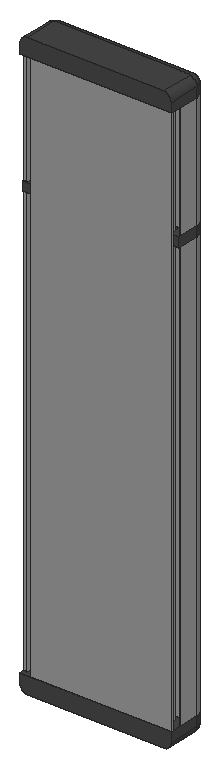
Revit family "JC KONTAKTER JCK227 Armbågskontakt", category Specialty Equipment, host Wall, Revit 2025
Family settings
  Host = Wall
  Round Connector Dimension = Use Diameter
  Part Type = Normal
  Enable Cutting in Views = Yes
  Always vertical = Yes
  Cut with Voids When Loaded = No
  Maintain Annotation Orientation = No
  Shared = No
  Room Calculation Point = No
Parameters (values of type "Armbågskontakt JCK227")
  Tillverkningsland = "Sverige"
  Tekniskt produktblad = "https://jckontakter.se/wp-content/uploads/2019/09/Tekniskt-blad_JCK207.245.pdf"
  Placering av armbågskontakt = "https://jckontakter.se/start/nyheter-och-information/armbagskontakter-placering-riktlinjer/"
  Mikrobrytare 2 = "Standard NC IP67 (tre ledare)"
  Mikrobrytare 1 = "Standard NO IP67"
  Lägsta märkström = "1mA/4 V DC"
  Core Finish = Aluminum ENAW 6060
  URL = "https://jckontakter.se/produkt/armbagskontakter-metall/armbagskontakt-i-aluminium-jck227/"
  Tillvalsförteckning = "https://jckontakter.se/wp-content/uploads/sites/2/Tillval_metall_2024.pdf"
  Produktvikt = "0.383 kg"
  Nominell märkström = "12 V - Resistive 6A Inductive L/R 5ms 6A, 24 V - Resistive 6A Inductive L/R 5ms 5A"
  Model = "JCK227"  # constant formula
  Manufacturer = "JC Kontakter"  # constant formula
  Lid Finish = Aluminum ENAW 6060
  Keynote = ""
  End Cap Finish = POM Tenac C 4520
  Description = "JCK227 tillhör en serie armbågskontakter med dubbla tryckytor som gör det möjligt att koppla t.ex. en extra dörr eller ett lås. JCK227 är tillverkad i silvereloxerad aluminium med svarta endcaps. Båda tryckytorna är utformade med fyra taktila rillor och fungerar som extra vägledning för personer med synnedsättning. Man kan enkelt känna sig till vart man ska trycka för att aktivera dörröppning."  # constant formula
  Default Elevation = 0 mm
  CE Dokument = "https://jckontakter.se/wp-content/uploads/CE_Dokument.pdf"
  Assembly Code = ""
  Antal mikrobrytare = 1
  Antal microbrytare 2 = 1
Reference planes
  plane 1 "Wall": y = 0
  plane 2 "Center (Left/Right)": x = 125
  plane 3 "Back": y = 75
  plane 4 "A": z = 800
Lines and regions (mm)
  Masking region 1
    outline origin (0, 0, -34) x (1, 0, 0) y (0, 0, 1)
      loop
        line (175, 1145) -> (75, 1145) -> (75, 834) -> (175, 834) -> (175, 1145)
  symbolic lines
    curve 1: line (75, 125, 0) -> (175, 125, 0)
    curve 2: line (75, 75, 0) -> (75, 125, 0)
    curve 3: line (175, 75, 0) -> (75, 75, 0)
    curve 4: line (175, 125, 0) -> (175, 75, 0)
Text (mm)
  text "Placement Side" at (-1848.837, 1116.779, 0), in view "Ref. Level"
  text "Placement side" at (0, 1409.804, 2854.306), in view "Left"
  text "Placement side" at (0, 499.811, 2980.732), in view "Right"
Dimensions and locks
  locked: plane 3 "Back" to host wall
  locked: curve 3 to curve 1 at 50
  aligned and locked: plane 1 "Wall" to host wall
  aligned and locked: nested 1 to plane 3 "Back"
  aligned and locked: curve 3 to plane 3 "Back"
Nested families
  nested 1: "AK_227" at (125, 75, 800) x (-1, 0, 0) z (0, 0, 1), type "AK_227", detail levels medium+fine
Definition of nested family "AK_227"
  Parameters (values of type "AK_227")
    Core Finish = none
    URL = "https://jckontakter.se/produkt/armbagskontakter-metall/armbagskontakt-i-aluminium-jck227/"
    Model = "JCK227"  # constant formula
    Manufacturer = "JC Kontakter"  # constant formula
    Lid Finish = none
    End Cap Finish = none
    Description = "JCK227 tillhör en serie armbågskontakter med dubbla tryckytor som gör det möjligt att koppla t.ex. en extra dörr eller ett lås. JCK227 är tillverkad i silvereloxerad aluminium med svarta endcaps. Båda tryckytorna är utformade med fyra taktila rillor och fungerar som extra vägledning för personer med synnedsättning. Man kan enkelt känna sig till vart man ska trycka för att aktivera dörröppning."  # constant formula
    Default Elevation = 0 mm
  Reference planes
    plane 1 "Center (Front/Back)": y = 0
    plane 2: z = 0
    plane 3 "Center (Left/Right)": x = 0
    plane 4 "1": x = 40
    plane 5 "A": z = 9
    plane 6 "B": z = 302
    plane 7 "C": z = 236
  Forms (mm)
    Extrusion 1, solid, material <- "Core Finish"
      sketch origin (40, 0, 9) x (1, 0, 0) y (0, 1, 0)
        loop
          line (-80, 0) -> (-80, -1.2) -> (-75, -1.2) -> (-75, -8.75) -> (-73.2, -8.75) -> (-73.2, -1.2) -> (-11.2, -1.2) -> (-11.2, -8.75) -> (-2.249, -8.75)
          arc (-2.249, -8.75) -> (-3.331, -3.54) -> (-8.11, -1.2) r 6.05
          line (-8.11, -1.2) -> (-5.54, -1.2) -> (-5.54, 0) -> (-80, 0)
      from 0 to 293
    Extrusion 2, solid, material <- "Lid Finish"
      sketch origin (-40, 0, 9) x (-1, 0, 0) y (0, -1, 0)
        loop
          line (-3.92, 11.41) -> (-0.92, 6.4) -> (0, 6.4) -> (0, 16.83)
          arc (0, 16.83) -> (-1.464, 20.366) -> (-5, 21.83) r 5
          line (-5, 21.83) -> (-8, 21.83) -> (-8, 22.83) -> (-10, 22.83) -> (-10, 21.83) -> (-14, 21.83) -> (-14, 22.83) -> (-16, 22.83) -> (-16, 21.83) -> (-20, 21.83) -> (-20, 22.83) -> (-22, 22.83) -> (-22, 21.83) -> (-26, 21.83) -> (-26, 22.83) -> (-28, 22.83) -> (-28, 21.83) -> (-75, 21.83)
          arc (-75, 21.83) -> (-78.536, 20.366) -> (-80, 16.83) r 5
          line (-80, 16.83) -> (-80, 2.38) -> (-78.4, 2.38) -> (-78.4, 11.41) -> (-3.92, 11.41)
      from 0 to 227
    Extrusion 3, solid, material <- "End Cap Finish"
      sketch origin (-40, 0, 0) x (1, 0, 0) y (0, 1, 0)
        loop
          arc (0, -16.83) -> (1.464, -20.366) -> (5, -21.83) r 5
          line (5, -21.83) -> (75, -21.83)
          arc (75, -21.83) -> (78.536, -20.366) -> (80, -16.83) r 5
          line (80, -16.83) -> (80, 0) -> (0, 0) -> (0, -16.83)
      from 0 to 9
    Sweep 4, void
      path origin (0, 0, 0) x (1, 0, 0) y (0, 1, 0)
        loop
          line (42, 0) -> (42, -16.83)
          arc (42, -16.83) -> (39.95, -21.78) -> (35, -23.83) r 7
          line (35, -23.83) -> (-35, -23.83)
          arc (-35, -23.83) -> (-39.95, -21.78) -> (-42, -16.83) r 7
          line (-42, -16.83) -> (-42, 0)
      profile origin (0, -23.83, 0) x (0, -1, 0) y (0, 0, 1)
        loop
          line (-1, 4) -> (-2, 4)
          arc (-2, 4) -> (-3.172, 1.172) -> (-6, 0) r 4
          line (-6, 0) -> (-6, -1) -> (-1, -1) -> (-1, 4)
    Extrusion 5, solid, material <- "End Cap Finish"
      sketch origin (0, 0, 302) x (-1, 0, 0) y (0, -1, 0)
        loop
          arc (40, 16.83) -> (38.536, 20.366) -> (35, 21.83) r 5
          line (35, 21.83) -> (-35, 21.83)
          arc (-35, 21.83) -> (-38.536, 20.366) -> (-40, 16.83) r 5
          line (-40, 16.83) -> (-40, 0) -> (40, 0) -> (40, 16.83)
      from 0 to 9
    Sweep 6, void
      path origin (0, 0, 302) x (-1, 0, 0) y (0, -1, 0)
        loop
          line (-42, 0) -> (-42, 16.83)
          arc (-42, 16.83) -> (-39.95, 21.78) -> (-35, 23.83) r 7
          line (-35, 23.83) -> (35, 23.83)
          arc (35, 23.83) -> (39.95, 21.78) -> (42, 16.83) r 7
          line (42, 16.83) -> (42, 0)
      profile origin (0, -23.83, 302) x (0, -1, 0) y (0, 0, 1)
        loop
          line (-1, 5) -> (-1, 10) -> (-6, 10) -> (-6, 9)
          arc (-6, 9) -> (-3.172, 7.828) -> (-2, 5) r 4
          line (-2, 5) -> (-1, 5)
    Extrusion 7, void
      sketch origin (0, 0, 0) x (1, 0, 0) y (0, 1, 0)
        loop
          circle (-31.75, -8.25) r 3.75
        loop
          circle (31.75, -8.25) r 3.75
      from 0 to 4
    Extrusion 8, solid, material <- "Lid Finish"
      sketch origin (0, 0, 236) x (-1, 0, 0) y (0, -1, 0)
        loop
          line (36.08, 11.41) -> (39.08, 6.4) -> (40, 6.4) -> (40, 16.83)
          arc (40, 16.83) -> (38.536, 20.366) -> (35, 21.83) r 5
          line (35, 21.83) -> (32, 21.83) -> (32, 22.83) -> (30, 22.83) -> (30, 21.83) -> (26, 21.83) -> (26, 22.83) -> (24, 22.83) -> (24, 21.83) -> (20, 21.83) -> (20, 22.83) -> (18, 22.83) -> (18, 21.83) -> (14, 21.83) -> (14, 22.83) -> (12, 22.83) -> (12, 21.83) -> (-35, 21.83)
          arc (-35, 21.83) -> (-38.536, 20.366) -> (-40, 16.83) r 5
          line (-40, 16.83) -> (-40, 2.38) -> (-38.4, 2.38) -> (-38.4, 11.41) -> (36.08, 11.41)
      from 5 to 66
    Extrusion 9, solid, material <- "End Cap Finish"
      sketch origin (0, 0, 236) x (-1, 0, 0) y (0, -1, 0)
        loop
          line (-19.5, 16.33) -> (35, 16.33) -> (35, 5) -> (40, 5) -> (40, 16.83)
          arc (40, 16.83) -> (38.536, 20.366) -> (35, 21.83) r 5
          line (35, 21.83) -> (-35, 21.83)
          arc (-35, 21.83) -> (-38.536, 20.366) -> (-40, 16.83) r 5
          line (-40, 16.83) -> (-40, 2) -> (-34.897, 2)
          arc (-34.897, 2) -> (-37.462, 4.894) -> (-37.751, 8.75) r 6.05
          line (-37.751, 8.75) -> (-19.5, 8.75) -> (-19.5, 16.33)
      from 0 to 5
  Cuts and joins
    Sweep 4, Sweep 6, Extrusion 7 cuts Extrusion 3
    Sweep 6 cuts Extrusion 5
  Dimensions and locks
    aligned and locked: level to plane 2
